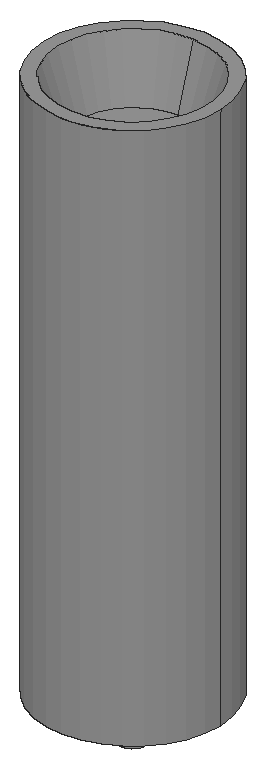
Revit family "2061012 Sylvania Lighting Fixture TubiXx LED surface 2700K white-black", category Lighting Fixtures, host Face, Revit 2016
Family settings
  Host = Face
  Part Type = Normal
  Round Connector Dimension = Use Diameter
  OmniClass Number = 23.80.70.00
  OmniClass Title = Lighting
  Cut with Voids When Loaded = No
  Light Source = Yes
  Shared = No
  Room Calculation Point = No
Parameters (values of type "2061012 TUBIXX LED SURFACE 2700K WHITE-BLACK")
  Weight = "n/a"
  Wattage Comments = ""
  Wattage = 9.2903 W
  WarrantyStartDate [instance] = "n/a"
  WarrantyGuarantorParts = "n/a"
  WarrantyDurationUnit = "n/a"
  WarrantyDurationParts = ""
  WarrantyDescription = "http://www.sylvania-lighting.com"
  built-in parameter 1150110 = 1 (stored number, unit not read)
  Voltage = 0 V
  URL = "0.95"
  TypeName = "TubiXx LED surface 2700K white-black"
  Type Image = <None>
  Type Comments = "n/a"
  Tube Recess = 28 mm
  Tube Diameter = 80 mm
  built-in parameter 1114217 = 1 (stored number, unit not read)
  Tilt Angle = 90.00°
  built-in parameter 1150109 = 1 (stored number, unit not read)
  built-in parameter 1150134 = 3
  built-in parameter 1150113 = 1 (stored number, unit not read)
  SerialNumber [instance] = "n/a"
  Photometric Web File = "2061012.ies"
  Material_3_FEILO = none
  PowerFactor = 0
  PowerConsumption = "Lighting"
  NominalLength = 0 mm
  NominalHeight = 0 mm
  NominalDepth = 0 mm
  Name = "TubiXx LED surface 2700K white-black"
  ModelReference = Name  # "TubiXx LED surface 2700K white-black"
  ModelNumber = "2061012"
  Model = Name  # "TubiXx LED surface 2700K white-black"
  Material = "Feilo Sylvania"
  ManufacturerName = "81 lm/W"
  Manufacturer = ""
  LuminousEfficacy = ""
  built-in parameter 1150105 = 109.82 (stored number, unit not read)
  Lumens = 1380 lm
  LuminaireType = "0"
  built-in parameter 1150115 = 1 (stored number, unit not read)
  LightOutputRatio = "LED"
  built-in parameter 1150137 = (empty or 0)
  built-in parameter 1150139 = (empty or 0)
  LampsType = Lamp  # "n/a"
  LampNominalLuminous = "2700 K"
  LampMacAdamStep = "92"
  LampColourTemperature = "LED"
  LampColourRenderingIndex = "16500"
  built-in parameter 1150112 = 1 (stored number, unit not read)
  built-in parameter 1150114 = 1 (stored number, unit not read)
  Lamp = "n/a"
  Keynote = "n/a"
  InstallationDate [instance] = "n/a"
  InputVoltage = "0"
  InputNominalFrequency = "2700"
  built-in parameter 1150132 = (empty or 0)
  built-in parameter 1150102 = (empty or 0)
  built-in parameter 1150107 = 3200 (stored number, unit not read)
  built-in parameter 1150138 = (empty or 0)
  IngressProtection = "IfcLightFixtureType"
  ImpactProtectionIndex = "IfcLightFixtureType"
  built-in parameter 1150106 = 1.0982 (stored number, unit not read)
  IfcExportType = "IfcLightFixtureType"
  IfcExportAs = "Class I"
  Height = 250 mm
  ExpectedLife = 50000
  Emit from Circle Diameter = 609.6 mm
  Emit Shape Visible in Rendering = no
  ElectricShockClassification = "81"
  built-in parameter 1150104 = 13.8 (stored number, unit not read)
  DurationUnit = "hours"
  DocumentationLiterature = "http://www.sylvania-lighting.com/product/en-int/products/2061012"
  DimmingControlOptions = "n/a"
  Material_2_FEILO = none
  Dimming Lamp Color Temperature Shift = <None>
  Description = "TubiXx LED Surface Mounted is a decorative Surface Mounted fixture with integrated driver, equipped with an integrated non-dimmable LED driver, White finish with Black reflector, colour temperature 2700K, 14W, 1138lm, 81lm/W, IP20, IK02, Class I. Dimensions 250mmx80mm."
  Default Elevation = 1219.2 mm
  CreatedOn = "22/11/2019"
  CreatedBy = "@sylvania-lighting.com"
  Cost = 0
  Color Filter = 16777215
  built-in parameter 1114216 [instance] = (empty or 0)
  ClassificationValue = "EF_70_80"
  ClassificationName = "Uniclass2015"
  Material_1_FEILO = none
  Cable Clamp Height = 20 mm
  BarCode [instance] = "n/a"
  built-in parameter 1114218 = 1 (stored number, unit not read)
  built-in parameter 1150133 = 10 (stored number, unit not read)
  AssetType = "Fixed"
  AssetIdentifier [instance] = "n/a"
  Assembly Code = "D5020200"
  Apparent Load = 14 VA
  Material_4_FEILO = none
Reference planes
  plane 1 "Center (Front/Back)": y = 0
  plane 2: z = 0
  plane 3 "Center (Left/Right)": x = 0
  plane 4: x = 40
  plane 5: x = -40
  plane 6: y = 40
  plane 7: y = -40
  plane 8: z = 250
  plane 9: z = 0
  plane 10: z = 222
Forms (mm)
  Extrusion 1, solid, material "Aluminum", detail levels medium+fine
    sketch origin (4.2, 0, 0) x (1, 0, 0) y (0, 1, 0)
      loop
        circle (-4.2, 0) r 40
    from 0 to 250
  Blend 2, void
    base sketch origin (4.2, 0, 0) x (0, 1, 0) y (-1, 0, 0)
      loop
        circle (0, 4.2) r 25
    top sketch origin (4.2, 0, 0) x (0, 1, 0) y (-1, 0, 0)
      loop
        circle (0, 4.2) r 34
    from 222 to 250
  Extrusion 3, solid, material "Plastic, Opaque Black", detail levels fine
    sketch origin (3.621, -0.001, 0) x (0, 1, 0) y (1, 0, 0)
      loop
        circle (0.002, -3.635) r 6
    from 0 to 20
  Extrusion 4, solid, detail levels coarse
    sketch origin (4.2, 0, 0) x (0, 1, 0) y (1, 0, 0)
      loop
        line (39.967, 35.75) -> (-40.071, 35.75) -> (-40.071, -44.142) -> (39.967, -44.142) -> (39.967, 35.75)
    from -250 to 0
  Extrusion 5, solid, material "Glass, White, High Luminance", detail levels fine
    sketch origin (4.2, 0, 222) x (0, 1, 0) y (-1, 0, 0)
      loop
        circle (0.004, 4.166) r 25.024
    from 0 to 1
Cuts and joins
  Blend 2 cuts Extrusion 1
Dimensions and locks
  "Tube Diameter": plane 5 to plane 4
  equal spacing: plane 5, plane 3 "Center (Left/Right)", plane 4
  "Tube Diameter": plane 6 to plane 7
  equal spacing: plane 6, plane 1 "Center (Front/Back)", plane 7
  "Height": plane 8 to host face
  "Tube Recess": plane 8 to plane 10
  aligned and locked: plane 2 to host face
  aligned and locked: level to host face
Automatic sketch dimensions
  host sketch curve to host sketch curve = 2438.4 mm  (x2)
  plane 1 "Center (Front/Back)" to Extrusion 1 sketch curve = 0 mm
  Extrusion 1 sketch curve to plane 3 "Center (Left/Right)" = 0 mm
  plane 1 "Center (Front/Back)" to Blend 2 sketch curve = 0 mm  (x2)
  Blend 2 sketch curve to plane 3 "Center (Left/Right)" = 0 mm  (x2)
  Extrusion 4 sketch curve to Extrusion 4 sketch curve = 80.038 mm
  Extrusion 4 sketch curve to Extrusion 4 sketch curve = 79.892 mm
  radius of Extrusion 1 sketch curve = 40 mm
  radius of Blend 2 sketch curve = 25 mm
  radius of Blend 2 sketch curve = 34 mm
  radius of Extrusion 3 sketch curve = 6 mm
  radius of Extrusion 5 sketch curve = 25.024 mm
Connectors
  electrical at (-0.015, 0.001, -20)
    settings: on Extrusion 3, index 1, voltage 0 V, apparent load 0 VA, apparent load phase1 0 VA, apparent load phase2 0 VA, apparent load phase3 0 VA, power factor 1, load classification "Other", number of poles 1, system type 31, power factor state 1, is connector primary yes, connector utility no, sub classification motor no, connector description ""
  electrical at (0, 0, 250)
    settings: on cut or joined group of Extrusion 1, Blend 2, index 2, voltage 0 V, apparent load 0 VA, apparent load phase1 0 VA, apparent load phase2 0 VA, apparent load phase3 0 VA, power factor 1, load classification "Other", number of poles 1, system type 31, power factor state 1, is connector primary no, connector utility no, sub classification motor no, connector description ""
